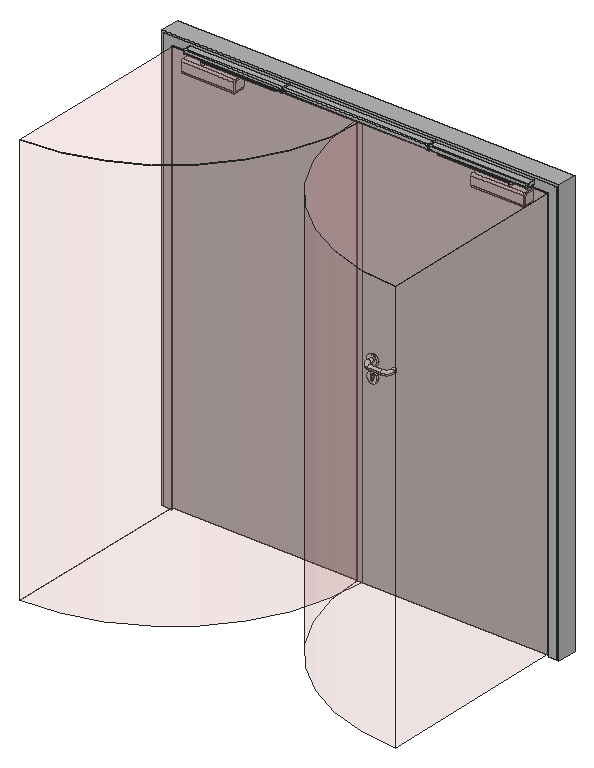
Revit family "ASSA ABLOY - ALPE PLUS Sp 60-2, double-leaf, block frame, HIDDEN HINGES", category Doors, host Wall, Revit 2021 (continued)
Definition of nested family "Detail_Door symbol"
  Automatic sketch dimensions
    curve 23 to curve 34 = 16.500 mm
    curve 15 to curve 15 = 67.000 mm
    curve 30 to curve 30 = 67.000 mm
Types (4, lengths in mm): name | Rough Width Real | Rough Height Real | Recess Value | Passive Symbol Radius | Passive Leaf Width | Middle Line | Width Round | Rough Width | Rough Height | Readme | Height Round | Height | Width | Door closer and Coordinator Visibility | Guide Rail Length | Active Symbol Radius | Active Leaf Width | Active Leaf Clear Passage Width
  1025 x 1640 (1032 x 1648) | 1258.000 | 1722.000 | 50.000 | 199.750 | 197.500 | 1016.500 | 1025.000 | 1265.000 | 1730.000 | "The actual lintel height is consistent with the Rough Height parameter.\nThe final HW Set should be consistent with the function of the door and its  parameters.\nHardware mounted on door surface may affect the clear passage opening. For verification, please contact the specification department." | 1640.000 | 1640.000 | 1025.000 | no | -23.550 | 974.750 | 972.500 | 887.250
  1300 x 2100 (1307 x 2108) | 1533.000 | 2182.000 | 50.000 | 724.750 | 722.500 | 766.500 | 1300.000 | 1540.000 | 2190.000 | "The actual lintel height is consistent with the Rough Height parameter.\nThe final HW Set should be consistent with the function of the door and its  parameters.\nHardware mounted on door surface may affect the clear passage opening. For verification, please contact the specification department.\r\nIn double leaf doors in case of distance less than 1350mm between hinges, door closer type and coordinator should be confirmed with Provider." | 2100.000 | 2100.000 | 1300.000 | yes | 251.450 | 724.750 | 722.500 | 637.250
  1800 x 2100 (1807 x 2108) | 2033.000 | 2182.000 | 14.400 | 974.750 | 972.500 | 1016.500 | 1800.000 | 2040.000 | 2190.000 | "The actual lintel height is consistent with the Rough Height parameter.\nThe final HW Set should be consistent with the function of the door and its  parameters.\nHardware mounted on door surface may affect the clear passage opening. For verification, please contact the specification department.\r\nIn double leaf doors in case of distance less than 1350mm and more than 2500mm between hinges, door closer type and coordinator should be confirmed with the Provider." | 2100.000 | 2100.000 | 1800.000 | yes | 751.450 | 974.750 | 972.500 | 887.250
  2330 x 2400 (2337 x 2408) | 2563.000 | 2482.000 | 14.400 | 1239.750 | 1237.500 | 1281.500 | 2330.000 | 2570.000 | 2490.000 | "The actual lintel height is consistent with the Rough Height parameter.\nThe final HW Set should be consistent with the function of the door and its  parameters.\nHardware mounted on door surface may affect the clear passage opening. For verification, please contact the specification department." | 2400.000 | 2400.000 | 2330.000 | yes | 1281.450 | 1239.750 | 1237.500 | 1152.250
